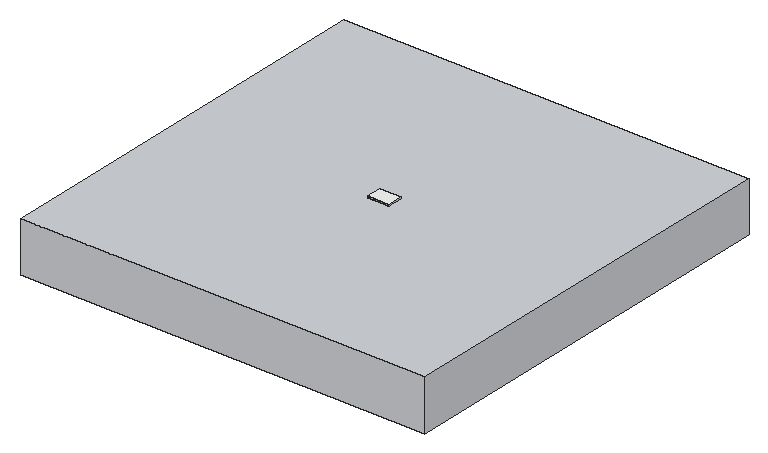
Revit family "Bticino_Hotel_UX_TOUCH_Command_Touch_panel_scenario", category Equipement électrique, Revit 2020
Family settings
  Hôte = Face
  Configuration du panneau = Deux colonnes, circuits au sein
  Cote de connecteur circulaire = Utiliser le diamètre
  Type d'élément = Tableau de raccordement
  Couper avec des vides une fois chargée = Non
  Partagée = Non
  Point de calcul de pièce = Non
Parameters
  Web configurator = "https://uxforupscalehotel.legrand.com"
  With room temperature controller = yes
  With LED indication = yes
  URL = "http://www.legrandoc.com/FL4653W"
  Type of surface = "Brilliant"
  Supply frequency MIN-MAX ( Hz) = "0-0"
  Storage temperature MIN-MAX (°C) = "-20-70"
  Standby consuption (mA) = 8
  Programming way = "Computer"
  Programmable = yes
  Overall width = 129 mm
  Overall height = 93 mm
  Overall depth = 42 mm
  Other bus systems = "Other"
  Operating / setting temperature MIN-MAX (°C) = "0-40"
  Number of buttons = 10
  Mounting method = "Flush mounted (plaster)"
  Mounting bracket Ref 048779 [instance] = yes
  Model = "FL4653W"
  Material = LEGRAND - White plastic
  built-in parameter 1140140 [instance] = 1 (stored number, unit not read)
  General Conditions of Use = "https://export.legrand.com/en/terms-of-use-BIM-objects"
  Flush mount accessory Ref 048788 [instance] = not(Mounting bracket Ref 048779)  # no
  Fabricant = "Legrand"
  Elévation par défaut = 1300 mm
  Description = "Bedside panel SCS"
  Degree of protection (IP) = "IP20"
  Degree of impact strength (IK) = "IK02"
  built-in parameter 1140142 [instance] = -1
  Command = Tête de lit : Tête de lit
  Colour = "White"
  Built-in depth = 30 mm
  built-in parameter 1155100 [instance] = -1
  Addressable = yes
Types (7, lengths in mm): name | With room temperature controller | URL | Number of buttons | Model | Material | Description | Command | Colour
  (no name) | yes | "http://www.legrandoc.com/FL4653W" | 10 | "FL4653W" | LEGRAND - White plastic | "Bedside panel SCS" | Tête de lit : Tête de lit | "White"
  Thermostat_Bedside Pannel Black | yes | "http://www.legrandoc.com/FL4653" | 10 | "FL4653" | LEGRAND - Black plastic | "Bedside panel SCS" | Tête de lit : Tête de lit | "black"
  4 scenario Black | no | "http://www.legrandoc.com/FL4655" | 4 | "FL4655" | LEGRAND - Black plastic | "4G touch plate" | 4 touches : 4 touches | "black"
  6 scenario Black | no | "http://www.legrandoc.com/FL4652" | 6 | "FL4652" | LEGRAND - Black plastic | "6G touch plate" | 6 touches : 6 touches | "black"
  6 scenario White | no | "http://www.legrandoc.com/FL4652W" | 6 | "FL4652W" | LEGRAND - White plastic | "6G touch plate" | 6 touches : 6 touches | "White"
  Thermostat_Bedside Pannel White | yes | "http://www.legrandoc.com/FL4653W" | 10 | "FL4653W" | LEGRAND - White plastic | "Bedside panel SCS" | Tête de lit : Tête de lit | "White"
  4 scenario White | no | "http://www.legrandoc.com/FL4655W" | 4 | "FL4655W" | LEGRAND - White plastic | "4G touch plate" | 4 touches : 4 touches | "White"
Reference planes
  plane 1 "Centre (avant/arrière)": y = 0
  plane 2: z = 0
  plane 3 "Centre (gauche/droite)": x = 0
Forms (mm)
  Extrusion 1, solid
    sketch origin (0, 0, 0) x (1, 0, 0) y (0, 1, 0)
      loop
        line (-1219.2, 1219.2) -> (-1219.2, -1219.2) -> (1219.2, -1219.2) -> (1219.2, 1219.2) -> (-1219.2, 1219.2)
    from 0 to -304.8
Dimensions and locks
  aligned and locked: plane 2 to Extrusion 1
  aligned and locked: level to Extrusion 1
Nested families
  nested 1: "TOUCH-Commande_ Tactile_Scénario" at (0, 0, 0), type "TOUCH-Commande_ Tactile_Scénario"
  nested 2: "Tête de lit" at (0, 0, 0), type <- "Command", type "Tête de lit"
Connectors
  electrical at (0, 0, 0)
    settings: on nested 1, index 2, voltage 0 V, apparent load 0 VA, apparent load phase1 0 VA, apparent load phase2 0 VA, apparent load phase3 0 VA, power factor 1, load classification "Autre", number of poles 1, system type 30, power factor state 1, is connector primary yes, connector utility no, sub classification motor no, connector description ""
Definition of nested family "TOUCH-Commande_ Tactile_Scénario"
  Parameters (values of type "TOUCH-Commande_ Tactile_Scénario")
    Matériau = none
    Default Elevation = 0 mm
  Reference planes
    plane 1 "Centre (avant/arrière)": y = 0
    plane 2: z = 0
    plane 3 "Centre (gauche/droite)": x = 0
    plane 4: z = -5.9
    plane 5: z = -30.9
    plane 6: z = 11.5
    plane 7: x = 64.5
    plane 8: x = -64.5
    plane 9: y = 46.5
    plane 10: y = -46.5
    plane 11: x = 16.5
    plane 12: x = -16.5
  Forms (mm)
    Extrusion 1, solid, material <- "Matériau"
      sketch origin (0, 0, 0) x (0, -1, 0) y (1, 0, 0)
        loop
          line (-26.5, 26.5) -> (-26.5, -26.5) -> (26.5, -26.5) -> (26.5, 26.5) -> (-26.5, 26.5)
      from -5.9 to 0
    Extrusion 2, solid, material <- "Matériau"
      sketch origin (0, 0, 0) x (0, -1, 0) y (1, 0, 0)
        loop
          line (-16.5, 16.5) -> (-16.5, -16.5) -> (16.5, -16.5) -> (16.5, 16.5) -> (-16.5, 16.5)
      from -30.9 to -5.9
    Extrusion 3, solid, material <- "Matériau"
      sketch origin (0, 0, 0) x (1, 0, 0) y (0, 1, 0)
        loop
          line (-64.5, 46.5) -> (-64.5, -46.5) -> (64.5, -46.5) -> (64.5, 46.5) -> (-64.5, 46.5)
      from 0 to 11.5
    Sweep 4, void
      path origin (0, 0, 0) x (1, 0, 0) y (0, 1, 0)
        loop
          line (-64.5, 46.5) -> (-64.5, -46.5) -> (64.5, -46.5) -> (64.5, 46.5) -> (-64.5, 46.5)
      profile origin (0, 46.5, 0) x (0, 1, 0) y (0, 0, 1)
        loop
          arc (0, 11.5) -> (-1.004, 5.704) -> (-4.308, 0.837) r 13.947
          arc (-4.308, 0.837) -> (-5.255, 0.224) -> (-6.36, 0) r 3.03
          line (-6.36, 0) -> (-6.36, -5) -> (1.64, -5) -> (1.64, 11.5) -> (0, 11.5)
  Cuts and joins
    joined: Extrusion 1, Extrusion 2
    Sweep 4 cuts Extrusion 3
  Dimensions and locks
    plane 8 to plane 7 = 129 mm
    plane 10 to plane 9 = 93 mm
    plane 12 to plane 11 = 33 mm
    plane 6 to plane 2 = 11.5 mm
    aligned and locked: level to plane 2
Definition of nested family "Tête de lit"
  Parameters (values of type "Commande tête de lit")
    Matériau = none
    built-in parameter 1140140 [instance] = 1 (stored number, unit not read)
    Default Elevation = 0 mm
    built-in parameter 1140142 [instance] = -1
    built-in parameter 1155100 [instance] = -1
  Reference planes
    plane 1 "Centre (avant/arrière)": y = 0
    plane 2: z = 0
    plane 3 "Centre (gauche/droite)": x = 0
    plane 4: z = 11.5
    plane 5: x = -64.5
    plane 6: x = 64.5
    plane 7: y = 46.5
    plane 8: y = -46.5
  Lines and regions (mm)
    model lines, not visible
      curve 1: line (-138.451, 165, 0) -> (-212.12, -37.402, 0)
      curve 2: line (-212.12, -37.402, 0) -> (-73.668, -202.402, 0)
      curve 3: line (-73.668, -202.402, 0) -> (138.451, -165, 0)
      curve 4: line (138.451, -165, 0) -> (212.12, 37.402, 0)
      curve 5: line (212.12, 37.402, 0) -> (73.668, 202.402, 0)
      curve 6: line (73.668, 202.402, 0) -> (-138.451, 165, 0)
    model lines
      curve 7: circle (-44.5, -9.3, 11.5) r 3 normal (0, 0, 1)
      curve 8: circle (-44.5, -27.9, 11.5) r 4.251 normal (0, 0, 1)
      curve 9: arc (-45.834, 13.551, 11.5) -> (-47.47, 6.331, 11.5) -> (-40.25, 7.966, 11.5) r 4.376
      curve 10: arc (-45.834, 13.551, 11.5) -> (-45.194, 8.607, 11.5) -> (-40.25, 7.966, 11.5) r 4.084
      curve 11: arc (-43.052, -26.924, 11.5) -> (-44.457, -24.9, 11.5) -> (-45.863, -26.924, 11.5) r 1.5
      curve 12: arc (-44.965, -30.4, 11.5) -> (-44.457, -30.9, 11.5) -> (-43.95, -30.4, 11.5) r 0.507
      curve 13: circle (-24.5, -27.9, 11.5) r 4.251 normal (0, 0, 1)
      curve 14: arc (-23, -26.149, 11.5) -> (-24.5, -25.101, 11.5) -> (-26, -26.149, 11.5) r 1.597
      curve 15: arc (-25, -30.651, 11.5) -> (-24.5, -31.162, 11.5) -> (-24, -30.651, 11.5) r 0.5
      curve 16: arc (44, 30.858, 11.5) -> (44.5, 24.9, 11.5) -> (45, 30.858, 11.5) r 3
      curve 17: arc (25.247, 30.4, 11.5) -> (24.5, 30.901, 11.5) -> (23.753, 30.4, 11.5) r 0.808
      curve 18: arc (23.753, 26.565, 11.5) -> (24.5, 24.9, 11.5) -> (25.247, 26.565, 11.5) r 1
      curve 19: circle (24.5, 25.9, 11.5) r 0.25 normal (0, 0, 1)
      curve 20: line (-44.5, -5.3, 11.5) -> (-44.5, -3.3, 11.5)
      curve 21: line (-44.5, -13.3, 11.5) -> (-44.5, -15.3, 11.5)
      curve 22: line (-38.5, -9.3, 11.5) -> (-40.5, -9.3, 11.5)
      curve 23: line (-50.5, -9.3, 11.5) -> (-48.5, -9.3, 11.5)
      curve 24: line (-48.743, -5.057, 11.5) -> (-47.328, -6.472, 11.5)
      curve 25: line (-40.257, -13.543, 11.5) -> (-41.672, -12.128, 11.5)
      curve 26: line (-48.743, -13.543, 11.5) -> (-47.328, -12.128, 11.5)
      curve 27: line (-40.257, -5.057, 11.5) -> (-41.672, -6.472, 11.5)
      curve 28: line (-41.5, -24.888, 11.5) -> (-47.5, -30.912, 11.5)
      curve 29: line (-45.863, -26.924, 11.5) -> (-44.965, -30.4, 11.5)
      curve 30: line (-44.965, -30.4, 11.5) -> (-43.95, -30.4, 11.5)
      curve 31: line (-43.95, -30.4, 11.5) -> (-43.052, -26.924, 11.5)
      curve 32: line (-48.751, 30.9, 11.5) -> (-40.249, 30.9, 11.5)
      curve 33: line (-40.249, 30.9, 11.5) -> (-40.249, 25.9, 11.5)
      curve 34: line (-40.249, 25.9, 11.5) -> (-48.751, 25.9, 11.5)
      curve 35: line (-48.751, 25.9, 11.5) -> (-48.751, 30.9, 11.5)
      curve 36: line (-45.457, 25.9, 11.5) -> (-45.457, 24.9, 11.5)
      curve 37: line (-45.457, 24.9, 11.5) -> (-43.457, 24.9, 11.5)
      curve 38: line (-43.457, 24.9, 11.5) -> (-43.457, 25.9, 11.5)
      curve 39: line (-21.5, -24.888, 11.5) -> (-27.5, -30.912, 11.5)
      curve 40: line (-26, -26.149, 11.5) -> (-26.5, -30.651, 11.5)
      curve 41: line (-26.5, -30.651, 11.5) -> (-22.5, -30.651, 11.5)
      curve 42: line (-22.5, -30.651, 11.5) -> (-23, -26.149, 11.5)
      curve 43: line (-24.5, 30.9, 11.5) -> (-20.749, 31.4, 11.5)
      curve 44: line (-20.749, 31.4, 11.5) -> (-20.749, 25.397, 11.5)
      curve 45: line (-20.749, 25.397, 11.5) -> (-24.5, 24.897, 11.5)
      curve 46: line (-24.5, 24.897, 11.5) -> (-28.251, 25.397, 11.5)
      curve 47: line (-28.251, 25.397, 11.5) -> (-28.251, 31.4, 11.5)
      curve 48: line (-28.251, 31.4, 11.5) -> (-24.5, 30.9, 11.5)
      curve 49: line (-24.5, 30.9, 11.5) -> (-24.5, 24.897, 11.5)
      curve 50: line (-20.749, 30.9, 11.5) -> (-20.249, 30.9, 11.5)
      curve 51: line (-20.249, 30.9, 11.5) -> (-20.249, 24.9, 11.5)
      curve 52: line (-20.249, 24.9, 11.5) -> (-28.751, 24.9, 11.5)
      curve 53: line (-28.751, 24.9, 11.5) -> (-28.751, 30.9, 11.5)
      curve 54: line (-28.751, 30.9, 11.5) -> (-28.251, 30.9, 11.5)
      curve 55: line (44.5, 29.358, 11.5) -> (44.5, 32.358, 11.5)
      curve 56: line (44.5, 6.3, 11.5) -> (44.5, 12.3, 11.5)
      curve 57: line (41.5, 9.3, 11.5) -> (47.5, 9.3, 11.5)
      curve 58: line (41.5, -9.3, 11.5) -> (47.5, -9.3, 11.5)
      curve 59: line (42, -24.9, 11.5) -> (43.037, -26.863, 11.5)
      curve 60: line (43.037, -26.863, 11.5) -> (44.5, -27.9, 11.5)
      curve 61: line (44.5, -27.9, 11.5) -> (42.537, -26.863, 11.5)
      curve 62: line (42.537, -26.863, 11.5) -> (41.5, -24.9, 11.5)
      curve 63: line (41.5, -24.9, 11.5) -> (42, -24.9, 11.5)
      curve 64: line (41.5, -30.4, 11.5) -> (43.463, -29.363, 11.5)
      curve 65: line (43.463, -29.363, 11.5) -> (44.5, -27.9, 11.5)
      curve 66: line (44.5, -27.9, 11.5) -> (43.463, -29.863, 11.5)
      curve 67: line (43.463, -29.863, 11.5) -> (41.5, -30.9, 11.5)
      curve 68: line (41.5, -30.9, 11.5) -> (41.5, -30.4, 11.5)
      curve 69: line (47, -30.9, 11.5) -> (45.963, -28.937, 11.5)
      curve 70: line (45.963, -28.937, 11.5) -> (44.5, -27.9, 11.5)
      curve 71: line (44.5, -27.9, 11.5) -> (46.463, -28.937, 11.5)
      curve 72: line (46.463, -28.937, 11.5) -> (47.5, -30.9, 11.5)
      curve 73: line (47.5, -30.9, 11.5) -> (47, -30.9, 11.5)
      curve 74: line (47, -24.9, 11.5) -> (45.963, -26.863, 11.5)
      curve 75: line (45.963, -26.863, 11.5) -> (44.5, -27.9, 11.5)
      curve 76: line (44.5, -27.9, 11.5) -> (46.463, -26.863, 11.5)
      curve 77: line (46.463, -26.863, 11.5) -> (47.5, -24.9, 11.5)
      curve 78: line (47.5, -24.9, 11.5) -> (47, -24.9, 11.5)
      curve 79: line (23.753, 30.4, 11.5) -> (23.753, 26.565, 11.5)
      curve 80: line (25.247, 30.4, 11.5) -> (25.247, 26.565, 11.5)
      curve 81: line (24.5, 30.4, 11.5) -> (24.5, 26.15, 11.5)
      curve 82: line (1, 13.3, 11.5) -> (17, 13.3, 11.5)
      curve 83: line (17, 13.3, 11.5) -> (17, -13.3, 11.5)
      curve 84: line (17, -13.3, 11.5) -> (1, -13.3, 11.5)
      curve 85: line (1, -13.3, 11.5) -> (1, 13.3, 11.5)
      curve 86: line (5, 9.3, 11.5) -> (13, 9.3, 11.5)
      curve 87: line (13, 9.3, 11.5) -> (13, -9.3, 11.5)
      curve 88: line (13, -9.3, 11.5) -> (5, -9.3, 11.5)
      curve 89: line (5, -9.3, 11.5) -> (5, 9.3, 11.5)
      curve 90: line (-17, 13.3, 11.5) -> (-1, 13.3, 11.5)
      curve 91: line (-1, 13.3, 11.5) -> (-1, -2, 11.5)
      curve 92: line (-1, -2, 11.5) -> (-13, -2, 11.5)
      curve 93: line (-13, -2, 11.5) -> (-13, -9.3, 11.5)
      curve 94: line (-13, -9.3, 11.5) -> (-1, -9.3, 11.5)
      curve 95: line (-1, -9.3, 11.5) -> (-1, -13.3, 11.5)
      curve 96: line (-1, -13.3, 11.5) -> (-17, -13.3, 11.5)
      curve 97: line (-17, -13.3, 11.5) -> (-17, 2, 11.5)
      curve 98: line (-17, 2, 11.5) -> (-5, 2, 11.5)
      curve 99: line (-5, 2, 11.5) -> (-5, 9.3, 11.5)
      curve 100: line (-5, 9.3, 11.5) -> (-17, 9.3, 11.5)
      curve 101: line (-17, 9.3, 11.5) -> (-17, 13.3, 11.5)
      curve 102: line (18, 9.3, 11.5) -> (22, 9.3, 11.5)
      curve 103: line (22, 9.3, 11.5) -> (22, 13.3, 11.5)
      curve 104: line (22, 13.3, 11.5) -> (18, 13.3, 11.5)
      curve 105: line (18, 13.3, 11.5) -> (18, 9.3, 11.5)
      curve 106: line (20.4, -10.1, 11.5) -> (20.4, -11.7, 11.5)
      curve 107: line (20.4, -11.7, 11.5) -> (18, -11.7, 11.5)
      curve 108: line (18, -11.7, 11.5) -> (18, -13.3, 11.5)
      curve 109: line (18, -13.3, 11.5) -> (22, -13.3, 11.5)
      curve 110: line (22, -13.3, 11.5) -> (22, -8.5, 11.5)
      curve 111: line (22, -8.5, 11.5) -> (19.6, -8.5, 11.5)
      curve 112: line (19.6, -8.5, 11.5) -> (19.6, -6.9, 11.5)
      curve 113: line (19.6, -6.9, 11.5) -> (22, -6.9, 11.5)
      curve 114: line (22, -6.9, 11.5) -> (22, -5.3, 11.5)
      curve 115: line (22, -5.3, 11.5) -> (18, -5.3, 11.5)
      curve 116: line (18, -5.3, 11.5) -> (18, -10.1, 11.5)
      curve 117: line (18, -10.1, 11.5) -> (20.4, -10.1, 11.5)
      curve 118: line (27.5, -24.9, 11.5) -> (28, -24.9, 11.5)
      curve 119: line (28, -24.9, 11.5) -> (28, -30.9, 11.5)
      curve 120: line (28, -30.9, 11.5) -> (27.5, -30.9, 11.5)
      curve 121: line (27.5, -30.9, 11.5) -> (27.5, -24.9, 11.5)
      curve 122: line (24.25, -26.4, 11.5) -> (24.75, -26.4, 11.5)
      curve 123: line (24.75, -26.4, 11.5) -> (24.75, -29.4, 11.5)
      curve 124: line (24.75, -29.4, 11.5) -> (24.25, -29.4, 11.5)
      curve 125: line (24.25, -29.4, 11.5) -> (24.25, -26.4, 11.5)
      curve 126: line (21, -27.15, 11.5) -> (21.5, -27.15, 11.5)
      curve 127: line (21.5, -27.15, 11.5) -> (21.5, -28.65, 11.5)
      curve 128: line (21.5, -28.65, 11.5) -> (21, -28.65, 11.5)
      curve 129: line (21, -28.65, 11.5) -> (21, -27.15, 11.5)
  Dimensions and locks
    plane 5 to plane 6 = 129 mm
    plane 8 to plane 7 = 93 mm
    aligned and locked: level to plane 2
